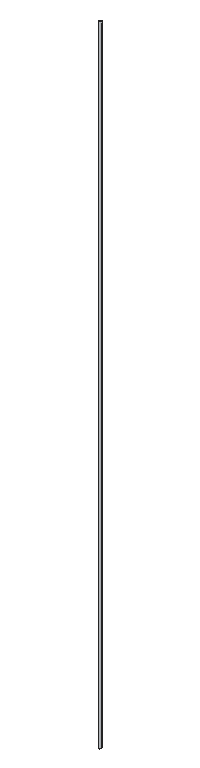
Revit family "RRPVCZNC", category Generic Models, Revit 2018
Family settings
  Can host rebar = No
  Round Connector Dimension = Use Diameter
  Part Type = Normal
  Work Plane-Based = Yes
  Always vertical = Yes
  Cut with Voids When Loaded = No
  Shared = Yes
  Room Calculation Point = No
Parameters (values of type "RRPVCZNC125/8")
  Type Comments = ""
  Ship Complete Level [instance] = ""
  Rod Size = 0.625"
  Rod Radius = Rod Size / 2  # 0.3125"
  Rod Material = none
  Rod Cut Length = 144.000"
  Required Date [instance] = ""
  Patent Information = "10495237, 10,697,562, 10,844,978, 11,262,000"
  Job [instance] = ""
  Group/Run [instance] = ""
  Description = "Threaded Rod 5/8 Inch Steel 12 Foot long Zinc Plated w/FDA Compliant PVC Encasement"
  Default Elevation = 48.000"
  Custom [instance] = ""
  Catalog Number = "RRPVCZNC125/8"
  Assembly Name [instance] = ""
  Assembly ID [instance] = ""
Types (9): name | Rod Size | Rod Radius | Rod Cut Length | Description | Catalog Number
  RRPVCZNC061/2 | 0.500" | 0.250" | 72.000" | "Threaded Rod 1/2 Inch Steel 6 Foot long Zinc Plated w/FDA Compliant PVC Encasement" | "RRPVCZNC061/2"
  RRPVCZNC063/8 | 0.375" | 0.1875" | 72.000" | "Threaded Rod 3/8 Inch Steel 6 Foot long Zinc Plated w/FDA Compliant PVC Encasement" | "RRPVCZNC063/8"
  RRPVCZNC061/4 | 0.250" | 0.125" | 72.000" | "Threaded Rod 1/4 Inch Steel 6 Foot long Zinc Plated PVC Encasement" | "RRPVCZNC061/4"
  RRPVCZNC065/8 | 0.625" | 0.3125" | 72.000" | "Threaded Rod 5/8 Inch Steel 6 Foot long Zinc Plated w/FDA Compliant PVC Encasement" | "RRPVCZNC065/8"
  RRPVCZNC063/4 | 0.750" | 0.375" | 72.000" | "Threaded Rod 3/4 Inch Steel 6 Foot long Zinc Plated w/FDA Compliant PVC Encasement" | "RRPVCZNC063/4"
  RRPVCZNC123/8 | 0.375" | 0.1875" | 144.000" | "Threaded Rod 3/8 Inch Steel 12 Foot long Zinc Plated w/FDA Compliant PVC Encasement" | "RRPVCZNC123/8"
  RRPVCZNC121/2 | 0.500" | 0.250" | 144.000" | "Threaded Rod 1/2 Inch Steel 12 Foot long Zinc Plated w/FDA Compliant PVC Encasement" | "RRPVCZNC121/2"
  RRPVCZNC125/8 | 0.625" | 0.3125" | 144.000" | "Threaded Rod 5/8 Inch Steel 12 Foot long Zinc Plated w/FDA Compliant PVC Encasement" | "RRPVCZNC125/8"
  RRPVCZNC123/4 | 0.750" | 0.375" | 144.000" | "Threaded Rod 3/4 Inch Steel 12 Foot long Zinc Plated w/FDA Compliant PVC Encasement" | "RRPVCZNC123/4"
Reference planes (in)
  plane 1 "Center (Front/Back)": y = 0
  plane 2: z = 0
  plane 3 "Center (Left/Right)": x = 0
  plane 4 "Top": z = 144
Forms (in)
  Extrusion 1, solid, material <- "Rod Material"
    sketch origin (0, 0, 0) x (1, 0, 0) y (0, 1, 0)
      loop
        circle (0, 0) r 0.3125
    from 0 to 144
Dimensions and locks (in)
  "Rod Cut Length": plane 4 "Top" to level
  "Rod Radius": radius of Extrusion 1 sketch curve
  aligned and locked: plane 2 to level
  aligned and locked: Extrusion 1 to plane 4 "Top"
Automatic sketch dimensions
  plane 1 "Center (Front/Back)" to Extrusion 1 sketch curve = 0.000"
  Extrusion 1 sketch curve to plane 3 "Center (Left/Right)" = 0.000"
